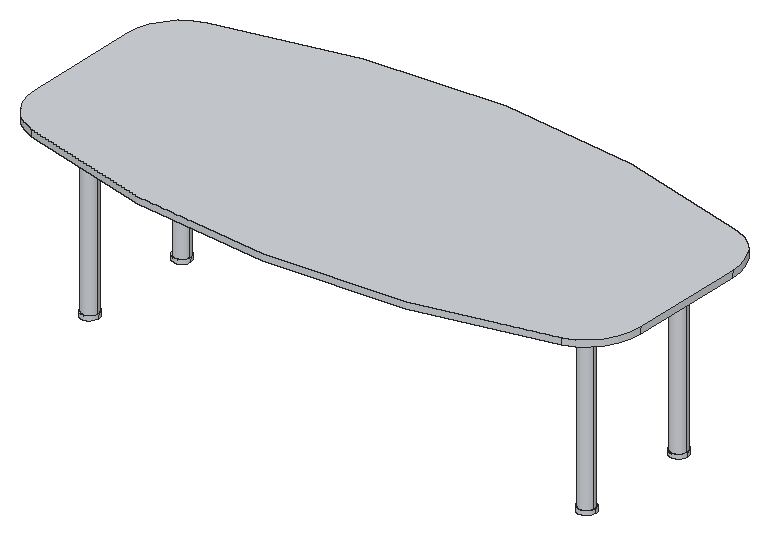
Revit family
Parameters (values of type "2400 x 1200")
  Table Material = none
  Model = "Meeting Table"
  Manufacturer = "Revit"
  Leg Material = none
  Description = "Table"
  Center Table Material = none
  Assembly Code = ""
Reference planes
  plane 1: z = 0
  plane 2 "Center (Left/Right)": x = 0
  plane 3: y = -188.822
  plane 4: x = -984.721
  plane 5: x = 984.721
  plane 6: y = 39.653
  plane 7: y = -417.297
Forms (mm)
  Extrusion 1, solid, material <- "Table Material"
    sketch origin (0, 0, 0) x (1, 0, 0) y (0, 1, 0)
      loop
        arc (1051.36, 244.359) -> (0, 411.178) -> (-1051.36, 244.359) r 3396.449
        arc (-1051.36, 244.359) -> (-1158.921, 166.143) -> (-1200, 39.653) r 215.279
        line (-1200, 39.653) -> (-1200, -417.297)
        arc (-1200, -417.297) -> (-1158.921, -543.786) -> (-1051.36, -622.002) r 215.279
        arc (-1051.36, -622.002) -> (0, -788.822) -> (1051.36, -622.002) r 3396.449
        arc (1051.36, -622.002) -> (1158.921, -543.786) -> (1200, -417.297) r 215.279
        line (1200, -417.297) -> (1200, 39.653)
        arc (1200, 39.653) -> (1158.921, 166.143) -> (1051.36, 244.359) r 215.279
    from 700 to 725
Lines and regions (mm)
  symbolic lines
    curve 1: arc (1051.36, 244.359, 0) -> (0, 411.178, 0) -> (-1051.36, 244.359, 0) r 3396.449
    curve 2: arc (-1051.36, 244.359, 0) -> (-1158.921, 166.143, 0) -> (-1200, 39.653, 0) r 215.279
    curve 3: line (-1200, 39.653, 0) -> (-1200, -417.297, 0)
    curve 4: arc (-1200, -417.297, 0) -> (-1158.921, -543.786, 0) -> (-1051.36, -622.002, 0) r 215.279
    curve 5: arc (-1051.36, -622.002, 0) -> (0, -788.822, 0) -> (1051.36, -622.002, 0) r 3396.449
    curve 6: arc (1051.36, -622.002, 0) -> (1158.921, -543.786, 0) -> (1200, -417.297, 0) r 215.279
    curve 7: line (1200, -417.297, 0) -> (1200, 39.653, 0)
    curve 8: arc (1200, 39.653, 0) -> (1158.921, 166.143, 0) -> (1051.36, 244.359, 0) r 215.279
    curve 9: line (0, -128.822, 0) -> (0, -248.822, 0)
    curve 10: line (-60, -188.822, 0) -> (60, -188.822, 0)
Dimensions and locks
  aligned and locked: Extrusion 1 to nested 1
Nested families
  nested 1: "Leg" at (-984.721, -417.297, 0), type "Height 700mm"
  nested 2: "Leg" at (-984.721, 39.653, 0), type "Height 700mm"
  nested 3: "Leg" at (984.721, -417.297, 0) x (-1, 0, 0) z (0, 0, 1), type "Height 700mm"
  nested 4: "Leg" at (984.721, 39.653, 0) x (-1, 0, 0) z (0, 0, 1), type "Height 700mm"
Definition of nested family "Leg"
  Parameters (values of type "Height 700mm")
    Model = "Abacus"
    Manufacturer = "LM"
    Leg Material = none
    Description = "Table Leg"
    Assembly Code = "E2020200"
  Reference planes
    plane 1 "Center (Front/Back)": y = 0
    plane 2: z = 0
    plane 3 "Center (Left/Right)": x = 0
  Forms (mm)
    Revolve 1, solid, material <- "Leg Material"
      sketch origin (0, 0, 0) x (1, 0, 0) y (0, 0, 1)
        loop
          line (0, 15) -> (0, 700) -> (-43, 700) -> (-33, 650) -> (-30, 650) -> (-30, 15) -> (0, 15)
        axis (0, 15) -> (0, 700)
      angle from 0 to 360
    Extrusion 2, solid, material <- "Leg Material"
      sketch origin (0, 0, 0) x (1, 0, 0) y (0, 1, 0)
        loop
          circle (0, 0) r 35
      from 0 to 15
  Dimensions and locks
    aligned and locked: plane 3 "Center (Left/Right)" to Revolve 1 sketch curve
    aligned and locked: Revolve 1 to Extrusion 2
